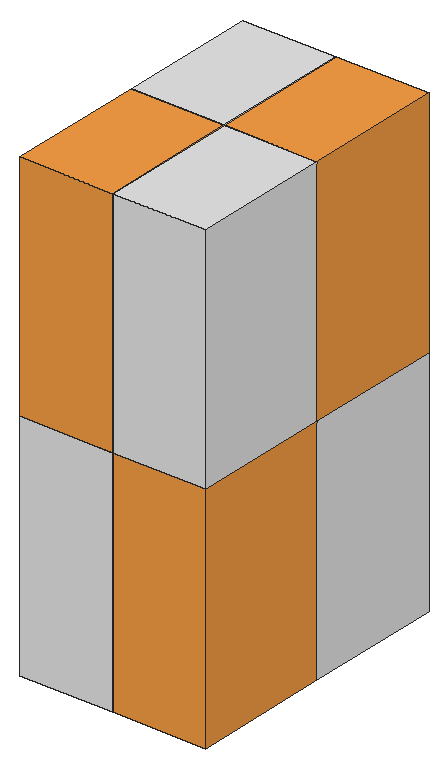
Revit family "DBU_GM_UN_Opening-SymbolicRectangular_gen_BERSnl", category Generic Models, Revit 2022
Family settings
  Can host rebar = No
  Round Connector Dimension = Use Diameter
  Part Type = Normal
  Work Plane-Based = No
  Always vertical = No
  Cut with Voids When Loaded = No
  Maintain Annotation Orientation = No
  Shared = No
  Room Calculation Point = No
Parameters (values of type "Wall")
  Wall = yes
  ViewCutPlane [instance] = 1500 mm
  Response [instance] = if(DBU_OpeningStatus = 0, "Request", if(DBU_OpeningStatus = 1, "Declined", if(DBU_OpeningStatus = 2, "Approved", if(DBU_OpeningStatus = 3, "Approved Drilling", if(DBU_OpeningStatus = 4, "On Hold", if(DBU_OpeningStatus = 5, "Executed", "Invalid"))))))  # "Request"
  Request [instance] = DBU_OpeningStatus = 0  # yes
  On Hold [instance] = DBU_OpeningStatus = 3  # no
  Not Drilling [instance] = yes
  Floor = not(Wall)  # no
  Execution Type [instance] = if(Not Drilling, "Not Drilling", "Drilling")  # "Not Drilling"
  Executed [instance] = DBU_OpeningStatus = 4  # no
  Drilling [instance] = not(Not Drilling)  # no
  Default Elevation = 0 mm
  Declined [instance] = DBU_OpeningStatus = 1  # no
  DBU_OpeningStatus [instance] = 0
  DBU_CTE_Zone [instance] = ""
  DBU_CTE_Z Value - Top [instance] = ""
  DBU_CTE_Z Value - Center [instance] = ""
  DBU_CTE_Z Coordinate Value [instance] = ""
  DBU_CTE_Opening Host Link [instance] = ""
  DBU_CTE_Opening Host Element [instance] = ""
  DBU_CTE_Opening Host Category [instance] = ""
  DBU_CTE_Level [instance] = ""
  DBU_CTE_ID [instance] = ""
  DBU_CTE_Host ID [instance] = ""
  DBU_CTE_Discipline [instance] = ""
  DBU_CTE_Classificatie [instance] = ""
  DBU_CTE_BuildingPart [instance] = ""
  DBU_CLE_Width [instance] = 200 mm
  DBU_CLE_Height [instance] = 500 mm
  DBU_CLE_Depth [instance] = 300 mm
  Approved [instance] = DBU_OpeningStatus = 2  # no
Types (2, lengths in mm): name | Wall | Floor
  Floor | no | yes
  Wall | yes | no
Reference planes
  plane 1 "Center (Front/Back)": y = 0
  plane 2: z = 0
  plane 3 "Center (Left/Right)": x = 0
  plane 4: z = -250
  plane 5: z = -500
  plane 6: z = 1500
  plane 7: z = -2000
  plane 8: z = 1500
  plane 9: z = -1800
  plane 10: z = -300
Lines and regions (mm)
  model lines, style "InvisibleLines", visible <- "Wall"
    curve 1: line (0, 0, -2000) -> (0, 0, 1500)
  model lines, style "InvisibleLines", visible <- "Floor"
    curve 2: line (0, 0, -1800) -> (0, 0, 1500)
Dimensions and locks
  "DBU_CLE_Height": level to plane 5
  equal spacing: level, plane 4, plane 5
  "ViewCutPlane": plane 6 to level
  "ViewCutPlane": plane 5 to plane 7
  "ViewCutPlane": plane 8 to level
  "DBU_CLE_Depth": level to plane 10
  "ViewCutPlane": plane 10 to plane 9
  aligned and locked: level to plane 2
  aligned and locked: curve 1 to plane 1 "Center (Front/Back)"
  aligned and locked: plane 3 "Center (Left/Right)" to nested 2
  aligned and locked: plane 3 "Center (Left/Right)" to nested 3
  aligned and locked: nested 3 to plane 1 "Center (Front/Back)"
  aligned and locked: plane 1 "Center (Front/Back)" to nested 7
  aligned and locked: plane 3 "Center (Left/Right)" to nested 7
  aligned and locked: nested 8 to plane 4
  aligned and locked: nested 8 to plane 3 "Center (Left/Right)"
  aligned and locked: plane 6 to curve 1
  aligned and locked: plane 7 to curve 1
  aligned and locked: plane 8 to curve 2
  aligned and locked: plane 9 to curve 2
  aligned and locked: curve 2 to plane 3 "Center (Left/Right)"
Automatic sketch dimensions
  curve 1 to plane 3 "Center (Left/Right)" = 0 mm
Nested families
  nested 1: "DBU_OpeningRectangular-Wall" at (0, 0, 0), Depth <- "DBU_CLE_Depth", Height <- "DBU_CLE_Height", Width <- "DBU_CLE_Width", visible <- "Wall", ConstructorStatus <- "DBU_OpeningStatus", type "Wall"
    with Width 200 mm, Request yes, RecessNeutral Color RGB 230-230-230, RecessDisplayMaterial none, OnHold no, Height 500 mm, Executed no, Depth 300 mm, Declined no, ConstructorStatus 0, Approved no
  nested 2: "DBU_OpeningRectangular-Floor" at (0, 0, 0), Depth <- "DBU_CLE_Depth", Height <- "DBU_CLE_Height", Width <- "DBU_CLE_Width", visible <- "Floor", ConstructorStatus <- "DBU_OpeningStatus", type "Floor"
    with Width 200 mm, Request yes, RecessNeutral Color RGB 230-230-230, RecessDisplayMaterial none, OnHold no, Height 500 mm, Executed no, Depth 300 mm, Declined no, ConstructorStatus 0, Approved no
  nested 3: "DBU_00_DI_WB_Opening Detail_gen_BERSnl" at (0, 0, 0) x (0, 1, 0) z (0, 0, 1), Length <- "DBU_CLE_Depth", Width <- "DBU_CLE_Width", visible <- "Wall", type "DBU_00_DI_WB_Opening Detail_gen_BERSnl"
    with Width 200 mm, Length 300 mm
  nested 4: "DBU_00_DI_WB_Opening Detail_gen_BERSnl" at (0, 0, -250) x (0, 1, 0) z (1, 0, 0), Length <- "DBU_CLE_Depth", Width <- "DBU_CLE_Height", visible <- "Wall", type "DBU_00_DI_WB_Opening Detail_gen_BERSnl"
    with Width 500 mm, Length 300 mm
  nested 5: "DBU_00_DI_WB_Opening Detail_gen_BERSnl" at (0, 0, -150) x (0, 1, 0) z (1, 0, 0), Length <- "DBU_CLE_Height", Width <- "DBU_CLE_Depth", visible <- "Floor", type "DBU_00_DI_WB_Opening Detail_gen_BERSnl"
    with Width 300 mm, Length 500 mm
  nested 6: "DBU_00_DI_WB_Opening Detail_gen_BERSnl" at (0, 0, -150) x (1, 0, 0) z (0, -1, 0), visible <- "Floor", Length <- "DBU_CLE_Width", Width <- "DBU_CLE_Depth", type "DBU_00_DI_WB_Opening Detail_gen_BERSnl"
    with Width 300 mm, Length 200 mm
  nested 7: "DBU_00_DI_WB_Opening Detail_gen_BERSnl" at (0, 0, 0), visible <- "Floor", Length <- "DBU_CLE_Width", Width <- "DBU_CLE_Height", type "DBU_00_DI_WB_Opening Detail_gen_BERSnl"
    with Width 500 mm, Length 200 mm
  nested 8: "DBU_00_DI_WB_Opening Detail_gen_BERSnl" at (0, 0, -250) x (1, 0, 0) z (0, -1, 0), Length <- "DBU_CLE_Width", Width <- "DBU_CLE_Height", visible <- "Wall", type "DBU_00_DI_WB_Opening Detail_gen_BERSnl"
    with Width 500 mm, Length 200 mm
Definition of nested family "DBU_OpeningRectangular-Wall"
  Parameters (values of type "Wall")
    Width [instance] = 1915.454 mm
    Request [instance] = not(or(Declined, Approved, OnHold, Executed))  # yes
    RecessNeutral [instance] = none
    RecessDisplayMaterial [instance] = none
    OnHold [instance] = ConstructorStatus = 3  # no
    Height [instance] = 304.8 mm
    Executed [instance] = ConstructorStatus = 4  # no
    Depth [instance] = 1954.727 mm
    Default Elevation = 1219.2 mm
    Declined [instance] = ConstructorStatus = 1  # no
    ConstructorStatus [instance] = 0
    Approved [instance] = ConstructorStatus = 2  # no
  Reference planes
    plane 1 "Center (Front/Back)": y = 0
    plane 2: z = 0
    plane 3 "Center (Left/Right)": x = 0
    plane 4: y = 977.363
    plane 5: x = 957.727
    plane 6: y = -977.363
    plane 7: x = -957.727
    plane 8: z = -304.8
    plane 9: z = -152.4
  Forms (mm)
    Extrusion 1, solid, material <- "RecessNeutral"
      sketch origin (0, 0, 0) x (1, 0, 0) y (0, 1, 0)
        loop
          line (-957.727, 0) -> (-957.727, -977.363) -> (0, -977.363) -> (0, 0) -> (-957.727, 0)
      from -304.8 to -152.4
    Extrusion 2, solid, visible <- "Request"
      sketch origin (0, 0, 0) x (1, 0, 0) y (0, 1, 0)
        loop
          line (0, 0) -> (0, -977.363) -> (957.727, -977.363) -> (957.727, 0) -> (0, 0)
      from -304.8 to -152.4
    Extrusion 3, solid, visible <- "Request"
      sketch origin (0, 0, 0) x (1, 0, 0) y (0, 1, 0)
        loop
          line (-957.727, 0) -> (-957.727, -977.363) -> (0, -977.363) -> (0, 0) -> (-957.727, 0)
      from -152.4 to 0
    Extrusion 4, solid, material <- "RecessNeutral"
      sketch origin (0, 0, 0) x (1, 0, 0) y (0, 1, 0)
        loop
          line (0, 0) -> (0, -977.363) -> (957.727, -977.363) -> (957.727, 0) -> (0, 0)
      from -152.4 to 0
    Extrusion 5, solid, visible <- "Request"
      sketch origin (0, 0, 0) x (1, 0, 0) y (0, 1, 0)
        loop
          line (-957.727, 977.363) -> (-957.727, 0) -> (0, 0) -> (0, 977.363) -> (-957.727, 977.363)
      from -304.8 to -152.4
    Extrusion 6, solid, material <- "RecessNeutral"
      sketch origin (0, 0, 0) x (1, 0, 0) y (0, 1, 0)
        loop
          line (0, 977.363) -> (0, 0) -> (957.727, 0) -> (957.727, 977.363) -> (0, 977.363)
      from -304.8 to -152.4
    Extrusion 7, solid, material <- "RecessNeutral"
      sketch origin (0, 0, 0) x (1, 0, 0) y (0, 1, 0)
        loop
          line (-957.727, 977.363) -> (-957.727, 0) -> (0, 0) -> (0, 977.363) -> (-957.727, 977.363)
      from -152.4 to 0
    Extrusion 8, solid, visible <- "Request"
      sketch origin (0, 0, 0) x (1, 0, 0) y (0, 1, 0)
        loop
          line (0, 977.363) -> (0, 0) -> (957.727, 0) -> (957.727, 977.363) -> (0, 977.363)
      from -152.4 to 0
    Extrusion 9, solid, visible <- "Declined"
      sketch origin (0, 0, 0) x (1, 0, 0) y (0, 1, 0)
        loop
          line (0, 0) -> (0, -977.363) -> (957.727, -977.363) -> (957.727, 0) -> (0, 0)
      from -304.8 to -152.4
    Extrusion 10, solid, visible <- "Declined"
      sketch origin (0, 0, 0) x (1, 0, 0) y (0, 1, 0)
        loop
          line (-957.727, 0) -> (-957.727, -977.363) -> (0, -977.363) -> (0, 0) -> (-957.727, 0)
      from -152.4 to 0
    Extrusion 11, solid, visible <- "Declined"
      sketch origin (0, 0, 0) x (1, 0, 0) y (0, 1, 0)
        loop
          line (-957.727, 977.363) -> (-957.727, 0) -> (0, 0) -> (0, 977.363) -> (-957.727, 977.363)
      from -304.8 to -152.4
    Extrusion 12, solid, visible <- "Declined"
      sketch origin (0, 0, 0) x (1, 0, 0) y (0, 1, 0)
        loop
          line (0, 977.363) -> (0, 0) -> (957.727, 0) -> (957.727, 977.363) -> (0, 977.363)
      from -152.4 to 0
    Extrusion 13, solid, visible <- "Approved"
      sketch origin (0, 0, 0) x (1, 0, 0) y (0, 1, 0)
        loop
          line (-957.727, 0) -> (-957.727, -977.363) -> (0, -977.363) -> (0, 0) -> (-957.727, 0)
      from -152.4 to 0
    Extrusion 14, solid, visible <- "Approved"
      sketch origin (0, 0, 0) x (1, 0, 0) y (0, 1, 0)
        loop
          line (0, 977.363) -> (0, 0) -> (957.727, 0) -> (957.727, 977.363) -> (0, 977.363)
      from -152.4 to 0
    Extrusion 15, solid, visible <- "Approved"
      sketch origin (0, 0, 0) x (1, 0, 0) y (0, 1, 0)
        loop
          line (0, 0) -> (0, -977.363) -> (957.727, -977.363) -> (957.727, 0) -> (0, 0)
      from -304.8 to -152.4
    Extrusion 16, solid, visible <- "Approved"
      sketch origin (0, 0, 0) x (1, 0, 0) y (0, 1, 0)
        loop
          line (-957.727, 977.363) -> (-957.727, 0) -> (0, 0) -> (0, 977.363) -> (-957.727, 977.363)
      from -304.8 to -152.4
    Extrusion 17, solid, visible <- "OnHold"
      sketch origin (0, 0, 0) x (1, 0, 0) y (0, 1, 0)
        loop
          line (-957.727, 0) -> (-957.727, -977.363) -> (0, -977.363) -> (0, 0) -> (-957.727, 0)
      from -152.4 to 0
    Extrusion 18, solid, visible <- "OnHold"
      sketch origin (0, 0, 0) x (1, 0, 0) y (0, 1, 0)
        loop
          line (0, 977.363) -> (0, 0) -> (957.727, 0) -> (957.727, 977.363) -> (0, 977.363)
      from -152.4 to 0
    Extrusion 19, solid, visible <- "OnHold"
      sketch origin (0, 0, 0) x (1, 0, 0) y (0, 1, 0)
        loop
          line (0, 0) -> (0, -977.363) -> (957.727, -977.363) -> (957.727, 0) -> (0, 0)
      from -304.8 to -152.4
    Extrusion 20, solid, visible <- "OnHold"
      sketch origin (0, 0, 0) x (1, 0, 0) y (0, 1, 0)
        loop
          line (-957.727, 977.363) -> (-957.727, 0) -> (0, 0) -> (0, 977.363) -> (-957.727, 977.363)
      from -304.8 to -152.4
    Extrusion 21, solid, visible <- "Executed"
      sketch origin (0, 0, 0) x (1, 0, 0) y (0, 1, 0)
        loop
          line (-957.727, 0) -> (-957.727, -977.363) -> (0, -977.363) -> (0, 0) -> (-957.727, 0)
      from -152.4 to 0
    Extrusion 22, solid, visible <- "Executed"
      sketch origin (0, 0, 0) x (1, 0, 0) y (0, 1, 0)
        loop
          line (0, 977.363) -> (0, 0) -> (957.727, 0) -> (957.727, 977.363) -> (0, 977.363)
      from -152.4 to 0
    Extrusion 23, solid, visible <- "Executed"
      sketch origin (0, 0, 0) x (1, 0, 0) y (0, 1, 0)
        loop
          line (0, 0) -> (0, -977.363) -> (957.727, -977.363) -> (957.727, 0) -> (0, 0)
      from -304.8 to -152.4
    Extrusion 24, solid, visible <- "Executed"
      sketch origin (0, 0, 0) x (1, 0, 0) y (0, 1, 0)
        loop
          line (-957.727, 977.363) -> (-957.727, 0) -> (0, 0) -> (0, 977.363) -> (-957.727, 977.363)
      from -304.8 to -152.4
  Dimensions and locks
    equal spacing: plane 7, plane 3 "Center (Left/Right)", plane 5
    "Width": plane 7 to plane 5
    equal spacing: plane 4, plane 1 "Center (Front/Back)", plane 6
    "Depth": plane 6 to plane 4
    "Height": level to plane 8
    equal spacing: level, plane 9, plane 8
    aligned and locked: level to plane 2
    aligned and locked: Extrusion 1 sketch curve to plane 7
    aligned and locked: Extrusion 1 sketch curve to plane 3 "Center (Left/Right)"
    aligned and locked: Extrusion 1 sketch curve to plane 6
    aligned and locked: Extrusion 1 to plane 8
    aligned and locked: plane 9 to Extrusion 1
    aligned and locked: plane 3 "Center (Left/Right)" to Extrusion 2 sketch curve
    aligned and locked: Extrusion 2 sketch curve to plane 6
    aligned and locked: Extrusion 2 sketch curve to plane 5
    aligned and locked: Extrusion 2 to plane 8
    aligned and locked: plane 9 to Extrusion 2
    aligned and locked: Extrusion 3 sketch curve to plane 7
    aligned and locked: Extrusion 3 sketch curve to plane 6
    aligned and locked: Extrusion 3 sketch curve to plane 3 "Center (Left/Right)"
    aligned and locked: Extrusion 3 to plane 9
    aligned and locked: level to Extrusion 3
    aligned and locked: plane 3 "Center (Left/Right)" to Extrusion 4 sketch curve
    aligned and locked: Extrusion 4 sketch curve to plane 6
    aligned and locked: Extrusion 4 sketch curve to plane 5
    aligned and locked: Extrusion 4 to plane 9
    aligned and locked: level to Extrusion 4
    aligned and locked: plane 1 "Center (Front/Back)" to Extrusion 3 sketch curve
    aligned and locked: plane 1 "Center (Front/Back)" to Extrusion 4 sketch curve
    aligned and locked: plane 1 "Center (Front/Back)" to Extrusion 2 sketch curve
    aligned and locked: plane 1 "Center (Front/Back)" to Extrusion 1 sketch curve
    aligned and locked: Extrusion 5 sketch curve to plane 4
    aligned and locked: Extrusion 5 sketch curve to plane 7
    aligned and locked: Extrusion 5 sketch curve to plane 1 "Center (Front/Back)"
    aligned and locked: Extrusion 5 sketch curve to plane 3 "Center (Left/Right)"
    aligned and locked: plane 3 "Center (Left/Right)" to Extrusion 6 sketch curve
    aligned and locked: Extrusion 6 sketch curve to plane 4
    aligned and locked: Extrusion 6 sketch curve to plane 5
    aligned and locked: Extrusion 6 sketch curve to plane 1 "Center (Front/Back)"
    aligned and locked: Extrusion 6 to plane 8
    aligned and locked: plane 9 to Extrusion 6
    aligned and locked: Extrusion 5 to plane 8
    aligned and locked: plane 9 to Extrusion 5
    aligned and locked: Extrusion 7 sketch curve to plane 7
    aligned and locked: Extrusion 7 sketch curve to plane 4
    aligned and locked: Extrusion 7 sketch curve to plane 3 "Center (Left/Right)"
    aligned and locked: Extrusion 7 sketch curve to plane 1 "Center (Front/Back)"
    aligned and locked: plane 3 "Center (Left/Right)" to Extrusion 8 sketch curve
    aligned and locked: Extrusion 8 sketch curve to plane 4
    aligned and locked: Extrusion 8 sketch curve to plane 5
    aligned and locked: Extrusion 8 sketch curve to plane 1 "Center (Front/Back)"
    aligned and locked: Extrusion 8 to plane 9
    aligned and locked: level to Extrusion 8
    aligned and locked: Extrusion 7 to plane 9
    aligned and locked: level to Extrusion 7
    aligned and locked: Extrusion 9 sketch curve to plane 5
    aligned and locked: plane 1 "Center (Front/Back)" to Extrusion 9 sketch curve
    aligned and locked: plane 3 "Center (Left/Right)" to Extrusion 9 sketch curve
    aligned and locked: Extrusion 9 sketch curve to plane 6
    aligned and locked: Extrusion 10 sketch curve to plane 7
    aligned and locked: plane 1 "Center (Front/Back)" to Extrusion 10 sketch curve
    aligned and locked: Extrusion 10 sketch curve to plane 3 "Center (Left/Right)"
    aligned and locked: Extrusion 10 sketch curve to plane 6
    aligned and locked: plane 3 "Center (Left/Right)" to Extrusion 12 sketch curve
    aligned and locked: Extrusion 12 sketch curve to plane 1 "Center (Front/Back)"
    aligned and locked: Extrusion 12 sketch curve to plane 5
    aligned and locked: Extrusion 12 sketch curve to plane 4
    aligned and locked: Extrusion 11 sketch curve to plane 7
    aligned and locked: Extrusion 11 sketch curve to plane 4
    aligned and locked: Extrusion 11 sketch curve to plane 3 "Center (Left/Right)"
    aligned and locked: Extrusion 11 sketch curve to plane 1 "Center (Front/Back)"
    aligned and locked: Extrusion 10 to plane 9
    aligned and locked: level to Extrusion 10
    aligned and locked: Extrusion 12 to plane 9
    aligned and locked: plane 8 to Extrusion 2
    aligned and locked: plane 2 to Extrusion 12
    aligned and locked: Extrusion 9 to plane 8
    aligned and locked: plane 9 to Extrusion 11
    aligned and locked: Extrusion 11 to plane 8
    aligned and locked: Extrusion 11 to plane 9  (x3)
    aligned and locked: Extrusion 10 to level  (x2)
    aligned and locked: plane 9 to Extrusion 9
    aligned and locked: plane 9 to Extrusion 10
    aligned and locked: plane 8 to Extrusion 11  (x2)
    aligned and locked: level to Extrusion 12
    aligned and locked: plane 9 to Extrusion 12
    aligned and locked: Extrusion 14 sketch curve to plane 1 "Center (Front/Back)"
    aligned and locked: plane 3 "Center (Left/Right)" to Extrusion 14 sketch curve
    aligned and locked: Extrusion 14 sketch curve to plane 4
    aligned and locked: Extrusion 14 sketch curve to plane 5
    aligned and locked: Extrusion 13 sketch curve to plane 7
    aligned and locked: Extrusion 13 sketch curve to plane 6
    aligned and locked: Extrusion 13 sketch curve to plane 3 "Center (Left/Right)"
    aligned and locked: plane 1 "Center (Front/Back)" to Extrusion 13 sketch curve
    aligned and locked: Extrusion 13 to plane 9
    aligned and locked: level to Extrusion 13
    aligned and locked: plane 9 to Extrusion 16
    aligned and locked: Extrusion 16 to plane 8
    aligned and locked: plane 9 to Extrusion 15
    aligned and locked: Extrusion 15 to plane 8
    aligned and locked: plane 3 "Center (Left/Right)" to Extrusion 15 sketch curve
    aligned and locked: plane 1 "Center (Front/Back)" to Extrusion 15 sketch curve
    aligned and locked: Extrusion 15 sketch curve to plane 5
    aligned and locked: Extrusion 15 sketch curve to plane 6
    aligned and locked: Extrusion 16 sketch curve to plane 7
    aligned and locked: Extrusion 16 sketch curve to plane 4
    aligned and locked: Extrusion 16 sketch curve to plane 3 "Center (Left/Right)"
    aligned and locked: Extrusion 16 sketch curve to plane 1 "Center (Front/Back)"
    aligned and locked: Extrusion 14 to plane 9
    aligned and locked: level to Extrusion 14
    aligned and locked: Extrusion 20 sketch curve to plane 7
    aligned and locked: Extrusion 20 sketch curve to plane 4
    aligned and locked: Extrusion 20 sketch curve to plane 3 "Center (Left/Right)"
    aligned and locked: Extrusion 20 sketch curve to plane 1 "Center (Front/Back)"
    aligned and locked: Extrusion 20 to plane 8
    aligned and locked: plane 9 to Extrusion 20
    aligned and locked: Extrusion 17 sketch curve to plane 7
    aligned and locked: plane 1 "Center (Front/Back)" to Extrusion 17 sketch curve
    aligned and locked: Extrusion 17 sketch curve to plane 3 "Center (Left/Right)"
    aligned and locked: Extrusion 17 sketch curve to plane 6
    aligned and locked: Extrusion 17 to plane 9
    aligned and locked: level to Extrusion 17
    aligned and locked: plane 3 "Center (Left/Right)" to Extrusion 19 sketch curve
    aligned and locked: plane 1 "Center (Front/Back)" to Extrusion 19 sketch curve
    aligned and locked: Extrusion 19 sketch curve to plane 5
    aligned and locked: Extrusion 19 sketch curve to plane 6
    aligned and locked: Extrusion 19 to plane 8
    aligned and locked: plane 9 to Extrusion 19
    aligned and locked: plane 3 "Center (Left/Right)" to Extrusion 18 sketch curve
    aligned and locked: Extrusion 18 sketch curve to plane 4
    aligned and locked: Extrusion 18 sketch curve to plane 5
    aligned and locked: Extrusion 18 sketch curve to plane 1 "Center (Front/Back)"
    aligned and locked: Extrusion 18 to plane 9
    aligned and locked: level to Extrusion 18
    aligned and locked: Extrusion 21 sketch curve to plane 7
    aligned and locked: Extrusion 21 sketch curve to plane 6
    aligned and locked: plane 1 "Center (Front/Back)" to Extrusion 21 sketch curve
    aligned and locked: Extrusion 21 sketch curve to plane 3 "Center (Left/Right)"
    aligned and locked: Extrusion 21 to plane 9
    aligned and locked: level to Extrusion 21
    aligned and locked: plane 3 "Center (Left/Right)" to Extrusion 23 sketch curve
    aligned and locked: Extrusion 23 sketch curve to plane 5
    aligned and locked: Extrusion 23 sketch curve to plane 6
    aligned and locked: plane 1 "Center (Front/Back)" to Extrusion 23 sketch curve
    aligned and locked: plane 9 to Extrusion 23
    aligned and locked: Extrusion 23 to plane 8
    aligned and locked: plane 3 "Center (Left/Right)" to Extrusion 22 sketch curve
    aligned and locked: Extrusion 22 sketch curve to plane 1 "Center (Front/Back)"
    aligned and locked: Extrusion 22 sketch curve to plane 5
    aligned and locked: Extrusion 22 sketch curve to plane 4
    aligned and locked: Extrusion 22 to plane 9
    aligned and locked: level to Extrusion 22
    aligned and locked: Extrusion 24 sketch curve to plane 7
    aligned and locked: Extrusion 24 sketch curve to plane 4
    aligned and locked: Extrusion 24 sketch curve to plane 3 "Center (Left/Right)"
    aligned and locked: Extrusion 24 sketch curve to plane 1 "Center (Front/Back)"
    aligned and locked: plane 9 to Extrusion 24
    aligned and locked: Extrusion 24 to plane 8
Definition of nested family "DBU_OpeningRectangular-Floor"
  Parameters (values of type "Floor")
    Width [instance] = 1915.454 mm
    Request [instance] = not(or(Declined, Approved, OnHold, Executed))  # yes
    RecessNeutral [instance] = none
    RecessDisplayMaterial [instance] = none
    OnHold [instance] = ConstructorStatus = 3  # no
    Height [instance] = 304.8 mm
    Executed [instance] = ConstructorStatus = 4  # no
    Depth [instance] = 1954.727 mm
    Default Elevation = 1219.2 mm
    Declined [instance] = ConstructorStatus = 1  # no
    ConstructorStatus [instance] = 0
    Approved [instance] = ConstructorStatus = 2  # no
  Reference planes
    plane 1 "Center (Front/Back)": y = 0
    plane 2: z = 0
    plane 3 "Center (Left/Right)": x = 0
    plane 4: y = 152.4
    plane 5: x = 957.727
    plane 6: y = -152.4
    plane 7: x = -957.727
    plane 8: z = -1954.727
    plane 9: z = -977.363
  Forms (mm)
    Extrusion 1, solid, material <- "RecessNeutral"
      sketch origin (0, 0, 0) x (1, 0, 0) y (0, 1, 0)
        loop
          line (-957.727, 0) -> (-957.727, -152.4) -> (0, -152.4) -> (0, 0) -> (-957.727, 0)
      from -1954.727 to -977.363
    Extrusion 2, solid, visible <- "Request"
      sketch origin (0, 0, 0) x (1, 0, 0) y (0, 1, 0)
        loop
          line (0, 0) -> (0, -152.4) -> (957.727, -152.4) -> (957.727, 0) -> (0, 0)
      from -1954.727 to -977.363
    Extrusion 3, solid, visible <- "Request"
      sketch origin (0, 0, 0) x (1, 0, 0) y (0, 1, 0)
        loop
          line (-957.727, 0) -> (-957.727, -152.4) -> (0, -152.4) -> (0, 0) -> (-957.727, 0)
      from -977.363 to 0
    Extrusion 4, solid, material <- "RecessNeutral"
      sketch origin (0, 0, 0) x (1, 0, 0) y (0, 1, 0)
        loop
          line (0, 0) -> (0, -152.4) -> (957.727, -152.4) -> (957.727, 0) -> (0, 0)
      from -977.363 to 0
    Extrusion 5, solid, visible <- "Request"
      sketch origin (0, 0, 0) x (1, 0, 0) y (0, 1, 0)
        loop
          line (-957.727, 152.4) -> (-957.727, 0) -> (0, 0) -> (0, 152.4) -> (-957.727, 152.4)
      from -1954.727 to -977.363
    Extrusion 6, solid, material <- "RecessNeutral"
      sketch origin (0, 0, 0) x (1, 0, 0) y (0, 1, 0)
        loop
          line (0, 152.4) -> (0, 0) -> (957.727, 0) -> (957.727, 152.4) -> (0, 152.4)
      from -1954.727 to -977.363
    Extrusion 7, solid, material <- "RecessNeutral"
      sketch origin (0, 0, 0) x (1, 0, 0) y (0, 1, 0)
        loop
          line (-957.727, 152.4) -> (-957.727, 0) -> (0, 0) -> (0, 152.4) -> (-957.727, 152.4)
      from -977.363 to 0
    Extrusion 8, solid, visible <- "Request"
      sketch origin (0, 0, 0) x (1, 0, 0) y (0, 1, 0)
        loop
          line (0, 152.4) -> (0, 0) -> (957.727, 0) -> (957.727, 152.4) -> (0, 152.4)
      from -977.363 to 0
    Extrusion 9, solid, visible <- "Declined"
      sketch origin (0, 0, 0) x (1, 0, 0) y (0, 1, 0)
        loop
          line (0, 0) -> (0, -152.4) -> (957.727, -152.4) -> (957.727, 0) -> (0, 0)
      from -1954.727 to -977.363
    Extrusion 10, solid, visible <- "Declined"
      sketch origin (0, 0, 0) x (1, 0, 0) y (0, 1, 0)
        loop
          line (-957.727, 0) -> (-957.727, -152.4) -> (0, -152.4) -> (0, 0) -> (-957.727, 0)
      from -977.363 to 0
    Extrusion 11, solid, visible <- "Declined"
      sketch origin (0, 0, 0) x (1, 0, 0) y (0, 1, 0)
        loop
          line (-957.727, 152.4) -> (-957.727, 0) -> (0, 0) -> (0, 152.4) -> (-957.727, 152.4)
      from -1954.727 to -977.363
    Extrusion 12, solid, visible <- "Declined"
      sketch origin (0, 0, 0) x (1, 0, 0) y (0, 1, 0)
        loop
          line (0, 152.4) -> (0, 0) -> (957.727, 0) -> (957.727, 152.4) -> (0, 152.4)
      from -977.363 to 0
    Extrusion 13, solid, visible <- "Approved"
      sketch origin (0, 0, 0) x (1, 0, 0) y (0, 1, 0)
        loop
          line (-957.727, 0) -> (-957.727, -152.4) -> (0, -152.4) -> (0, 0) -> (-957.727, 0)
      from -977.363 to 0
    Extrusion 14, solid, visible <- "Approved"
      sketch origin (0, 0, 0) x (1, 0, 0) y (0, 1, 0)
        loop
          line (0, 152.4) -> (0, 0) -> (957.727, 0) -> (957.727, 152.4) -> (0, 152.4)
      from -977.363 to 0
    Extrusion 15, solid, visible <- "Approved"
      sketch origin (0, 0, 0) x (1, 0, 0) y (0, 1, 0)
        loop
          line (0, 0) -> (0, -152.4) -> (957.727, -152.4) -> (957.727, 0) -> (0, 0)
      from -1954.727 to -977.363
    Extrusion 16, solid, visible <- "Approved"
      sketch origin (0, 0, 0) x (1, 0, 0) y (0, 1, 0)
        loop
          line (-957.727, 152.4) -> (-957.727, 0) -> (0, 0) -> (0, 152.4) -> (-957.727, 152.4)
      from -1954.727 to -977.363
    Extrusion 17, solid, visible <- "OnHold"
      sketch origin (0, 0, 0) x (1, 0, 0) y (0, 1, 0)
        loop
          line (-957.727, 0) -> (-957.727, -152.4) -> (0, -152.4) -> (0, 0) -> (-957.727, 0)
      from -977.363 to 0
    Extrusion 18, solid, visible <- "OnHold"
      sketch origin (0, 0, 0) x (1, 0, 0) y (0, 1, 0)
        loop
          line (0, 152.4) -> (0, 0) -> (957.727, 0) -> (957.727, 152.4) -> (0, 152.4)
      from -977.363 to 0
    Extrusion 19, solid, visible <- "OnHold"
      sketch origin (0, 0, 0) x (1, 0, 0) y (0, 1, 0)
        loop
          line (0, 0) -> (0, -152.4) -> (957.727, -152.4) -> (957.727, 0) -> (0, 0)
      from -1954.727 to -977.363
    Extrusion 20, solid, visible <- "OnHold"
      sketch origin (0, 0, 0) x (1, 0, 0) y (0, 1, 0)
        loop
          line (-957.727, 152.4) -> (-957.727, 0) -> (0, 0) -> (0, 152.4) -> (-957.727, 152.4)
      from -1954.727 to -977.363
    Extrusion 21, solid, visible <- "Executed"
      sketch origin (0, 0, 0) x (1, 0, 0) y (0, 1, 0)
        loop
          line (-957.727, 0) -> (-957.727, -152.4) -> (0, -152.4) -> (0, 0) -> (-957.727, 0)
      from -977.363 to 0
    Extrusion 22, solid, visible <- "Executed"
      sketch origin (0, 0, 0) x (1, 0, 0) y (0, 1, 0)
        loop
          line (0, 152.4) -> (0, 0) -> (957.727, 0) -> (957.727, 152.4) -> (0, 152.4)
      from -977.363 to 0
    Extrusion 23, solid, visible <- "Executed"
      sketch origin (0, 0, 0) x (1, 0, 0) y (0, 1, 0)
        loop
          line (0, 0) -> (0, -152.4) -> (957.727, -152.4) -> (957.727, 0) -> (0, 0)
      from -1954.727 to -977.363
    Extrusion 24, solid, visible <- "Executed"
      sketch origin (0, 0, 0) x (1, 0, 0) y (0, 1, 0)
        loop
          line (-957.727, 152.4) -> (-957.727, 0) -> (0, 0) -> (0, 152.4) -> (-957.727, 152.4)
      from -1954.727 to -977.363
  Dimensions and locks
    equal spacing: plane 7, plane 3 "Center (Left/Right)", plane 5
    "Width": plane 7 to plane 5
    equal spacing: plane 4, plane 1 "Center (Front/Back)", plane 6
    "Height": plane 6 to plane 4
    "Depth": level to plane 8
    equal spacing: level, plane 9, plane 8
    aligned and locked: level to plane 2
    aligned and locked: Extrusion 1 sketch curve to plane 7
    aligned and locked: Extrusion 1 sketch curve to plane 3 "Center (Left/Right)"
    aligned and locked: Extrusion 1 sketch curve to plane 6
    aligned and locked: Extrusion 1 to plane 8
    aligned and locked: plane 9 to Extrusion 1
    aligned and locked: plane 3 "Center (Left/Right)" to Extrusion 2 sketch curve
    aligned and locked: Extrusion 2 sketch curve to plane 6
    aligned and locked: Extrusion 2 sketch curve to plane 5
    aligned and locked: Extrusion 2 to plane 8
    aligned and locked: plane 9 to Extrusion 2
    aligned and locked: Extrusion 3 sketch curve to plane 7
    aligned and locked: Extrusion 3 sketch curve to plane 6
    aligned and locked: Extrusion 3 sketch curve to plane 3 "Center (Left/Right)"
    aligned and locked: Extrusion 3 to plane 9
    aligned and locked: level to Extrusion 3
    aligned and locked: plane 3 "Center (Left/Right)" to Extrusion 4 sketch curve
    aligned and locked: Extrusion 4 sketch curve to plane 6
    aligned and locked: Extrusion 4 sketch curve to plane 5
    aligned and locked: Extrusion 4 to plane 9
    aligned and locked: level to Extrusion 4
    aligned and locked: plane 1 "Center (Front/Back)" to Extrusion 3 sketch curve
    aligned and locked: plane 1 "Center (Front/Back)" to Extrusion 4 sketch curve
    aligned and locked: plane 1 "Center (Front/Back)" to Extrusion 2 sketch curve
    aligned and locked: plane 1 "Center (Front/Back)" to Extrusion 1 sketch curve
    aligned and locked: Extrusion 5 sketch curve to plane 4
    aligned and locked: Extrusion 5 sketch curve to plane 7
    aligned and locked: Extrusion 5 sketch curve to plane 1 "Center (Front/Back)"
    aligned and locked: Extrusion 5 sketch curve to plane 3 "Center (Left/Right)"
    aligned and locked: plane 3 "Center (Left/Right)" to Extrusion 6 sketch curve
    aligned and locked: Extrusion 6 sketch curve to plane 4
    aligned and locked: Extrusion 6 sketch curve to plane 5
    aligned and locked: Extrusion 6 sketch curve to plane 1 "Center (Front/Back)"
    aligned and locked: Extrusion 6 to plane 8
    aligned and locked: plane 9 to Extrusion 6
    aligned and locked: Extrusion 5 to plane 8
    aligned and locked: plane 9 to Extrusion 5
    aligned and locked: Extrusion 7 sketch curve to plane 7
    aligned and locked: Extrusion 7 sketch curve to plane 4
    aligned and locked: Extrusion 7 sketch curve to plane 3 "Center (Left/Right)"
    aligned and locked: Extrusion 7 sketch curve to plane 1 "Center (Front/Back)"
    aligned and locked: plane 3 "Center (Left/Right)" to Extrusion 8 sketch curve
    aligned and locked: Extrusion 8 sketch curve to plane 4
    aligned and locked: Extrusion 8 sketch curve to plane 5
    aligned and locked: Extrusion 8 sketch curve to plane 1 "Center (Front/Back)"
    aligned and locked: Extrusion 8 to plane 9
    aligned and locked: level to Extrusion 8
    aligned and locked: Extrusion 7 to plane 9
    aligned and locked: level to Extrusion 7
    aligned and locked: Extrusion 9 sketch curve to plane 5
    aligned and locked: plane 1 "Center (Front/Back)" to Extrusion 9 sketch curve
    aligned and locked: plane 3 "Center (Left/Right)" to Extrusion 9 sketch curve
    aligned and locked: Extrusion 9 sketch curve to plane 6
    aligned and locked: Extrusion 10 sketch curve to plane 7
    aligned and locked: plane 1 "Center (Front/Back)" to Extrusion 10 sketch curve
    aligned and locked: Extrusion 10 sketch curve to plane 3 "Center (Left/Right)"
    aligned and locked: Extrusion 10 sketch curve to plane 6
    aligned and locked: plane 3 "Center (Left/Right)" to Extrusion 12 sketch curve
    aligned and locked: Extrusion 12 sketch curve to plane 1 "Center (Front/Back)"
    aligned and locked: Extrusion 12 sketch curve to plane 5
    aligned and locked: Extrusion 12 sketch curve to plane 4
    aligned and locked: Extrusion 11 sketch curve to plane 7
    aligned and locked: Extrusion 11 sketch curve to plane 4
    aligned and locked: Extrusion 11 sketch curve to plane 3 "Center (Left/Right)"
    aligned and locked: Extrusion 11 sketch curve to plane 1 "Center (Front/Back)"
    aligned and locked: Extrusion 10 to plane 9
    aligned and locked: level to Extrusion 10
    aligned and locked: Extrusion 12 to plane 9
    aligned and locked: plane 8 to Extrusion 2
    aligned and locked: plane 2 to Extrusion 12
    aligned and locked: Extrusion 9 to plane 8
    aligned and locked: plane 9 to Extrusion 11
    aligned and locked: Extrusion 11 to plane 8
    aligned and locked: Extrusion 11 to plane 9  (x3)
    aligned and locked: Extrusion 10 to level  (x2)
    aligned and locked: plane 9 to Extrusion 9
    aligned and locked: plane 9 to Extrusion 10
    aligned and locked: plane 8 to Extrusion 11  (x2)
    aligned and locked: level to Extrusion 12
    aligned and locked: plane 9 to Extrusion 12
    aligned and locked: Extrusion 14 sketch curve to plane 1 "Center (Front/Back)"
    aligned and locked: plane 3 "Center (Left/Right)" to Extrusion 14 sketch curve
    aligned and locked: Extrusion 14 sketch curve to plane 4
    aligned and locked: Extrusion 14 sketch curve to plane 5
    aligned and locked: Extrusion 13 sketch curve to plane 7
    aligned and locked: Extrusion 13 sketch curve to plane 6
    aligned and locked: Extrusion 13 sketch curve to plane 3 "Center (Left/Right)"
    aligned and locked: plane 1 "Center (Front/Back)" to Extrusion 13 sketch curve
    aligned and locked: Extrusion 13 to plane 9
    aligned and locked: level to Extrusion 13
    aligned and locked: plane 9 to Extrusion 16
    aligned and locked: Extrusion 16 to plane 8
    aligned and locked: plane 9 to Extrusion 15
    aligned and locked: Extrusion 15 to plane 8
    aligned and locked: plane 3 "Center (Left/Right)" to Extrusion 15 sketch curve
    aligned and locked: plane 1 "Center (Front/Back)" to Extrusion 15 sketch curve
    aligned and locked: Extrusion 15 sketch curve to plane 5
    aligned and locked: Extrusion 15 sketch curve to plane 6
    aligned and locked: Extrusion 16 sketch curve to plane 7
    aligned and locked: Extrusion 16 sketch curve to plane 4
    aligned and locked: Extrusion 16 sketch curve to plane 3 "Center (Left/Right)"
    aligned and locked: Extrusion 16 sketch curve to plane 1 "Center (Front/Back)"
    aligned and locked: Extrusion 14 to plane 9
    aligned and locked: level to Extrusion 14
    aligned and locked: Extrusion 20 sketch curve to plane 7
    aligned and locked: Extrusion 20 sketch curve to plane 4
    aligned and locked: Extrusion 20 sketch curve to plane 3 "Center (Left/Right)"
    aligned and locked: Extrusion 20 sketch curve to plane 1 "Center (Front/Back)"
    aligned and locked: Extrusion 20 to plane 8
    aligned and locked: plane 9 to Extrusion 20
    aligned and locked: Extrusion 17 sketch curve to plane 7
    aligned and locked: plane 1 "Center (Front/Back)" to Extrusion 17 sketch curve
    aligned and locked: Extrusion 17 sketch curve to plane 3 "Center (Left/Right)"
    aligned and locked: Extrusion 17 sketch curve to plane 6
    aligned and locked: Extrusion 17 to plane 9
    aligned and locked: level to Extrusion 17
    aligned and locked: plane 3 "Center (Left/Right)" to Extrusion 19 sketch curve
    aligned and locked: plane 1 "Center (Front/Back)" to Extrusion 19 sketch curve
    aligned and locked: Extrusion 19 sketch curve to plane 5
    aligned and locked: Extrusion 19 sketch curve to plane 6
    aligned and locked: Extrusion 19 to plane 8
    aligned and locked: plane 9 to Extrusion 19
    aligned and locked: plane 3 "Center (Left/Right)" to Extrusion 18 sketch curve
    aligned and locked: Extrusion 18 sketch curve to plane 4
    aligned and locked: Extrusion 18 sketch curve to plane 5
    aligned and locked: Extrusion 18 sketch curve to plane 1 "Center (Front/Back)"
    aligned and locked: Extrusion 18 to plane 9
    aligned and locked: level to Extrusion 18
    aligned and locked: Extrusion 21 sketch curve to plane 7
    aligned and locked: Extrusion 21 sketch curve to plane 6
    aligned and locked: plane 1 "Center (Front/Back)" to Extrusion 21 sketch curve
    aligned and locked: Extrusion 21 sketch curve to plane 3 "Center (Left/Right)"
    aligned and locked: Extrusion 21 to plane 9
    aligned and locked: level to Extrusion 21
    aligned and locked: plane 3 "Center (Left/Right)" to Extrusion 23 sketch curve
    aligned and locked: Extrusion 23 sketch curve to plane 5
    aligned and locked: Extrusion 23 sketch curve to plane 6
    aligned and locked: plane 1 "Center (Front/Back)" to Extrusion 23 sketch curve
    aligned and locked: plane 9 to Extrusion 23
    aligned and locked: Extrusion 23 to plane 8
    aligned and locked: plane 3 "Center (Left/Right)" to Extrusion 22 sketch curve
    aligned and locked: Extrusion 22 sketch curve to plane 1 "Center (Front/Back)"
    aligned and locked: Extrusion 22 sketch curve to plane 5
    aligned and locked: Extrusion 22 sketch curve to plane 4
    aligned and locked: Extrusion 22 to plane 9
    aligned and locked: level to Extrusion 22
    aligned and locked: Extrusion 24 sketch curve to plane 7
    aligned and locked: Extrusion 24 sketch curve to plane 4
    aligned and locked: Extrusion 24 sketch curve to plane 3 "Center (Left/Right)"
    aligned and locked: Extrusion 24 sketch curve to plane 1 "Center (Front/Back)"
    aligned and locked: plane 9 to Extrusion 24
    aligned and locked: Extrusion 24 to plane 8
Definition of nested family "DBU_00_DI_WB_Opening Detail_gen_BERSnl"
  Parameters (values of type "DBU_00_DI_WB_Opening Detail_gen_BERSnl")
    Width [instance] = 500 mm
    Length [instance] = 1200 mm
  Reference planes
    plane 1 "Center (Front/Back)": y = 0
    plane 2: z = 0
    plane 3 "Center (Left/Right)": x = 0
    plane 4: x = -600
    plane 5: y = 250
    plane 6: x = 600
    plane 7: y = -250
  Lines and regions (mm)
    detail lines, in view "Ref. Level"
      curve 1: line (-600, -250, 0) -> (-600, 250, 0)
      curve 2: line (-600, 250, 0) -> (600, 250, 0)
      curve 3: line (600, 250, 0) -> (600, -250, 0)
      curve 4: line (600, -250, 0) -> (-600, -250, 0)
      curve 5: line (-600, -250, 0) -> (600, 250, 0)
      curve 6: line (-600, 250, 0) -> (600, -250, 0)
  Dimensions and locks
    equal spacing: plane 5, plane 1 "Center (Front/Back)", plane 7
    "Width": plane 5 to plane 7
    equal spacing: plane 4, plane 3 "Center (Left/Right)", plane 6
    "Length": plane 4 to plane 6
    aligned and locked: curve 1 to plane 4
    aligned and locked: curve 2 to plane 5
    aligned and locked: curve 3 to plane 6
    aligned and locked: plane 7 to curve 4
